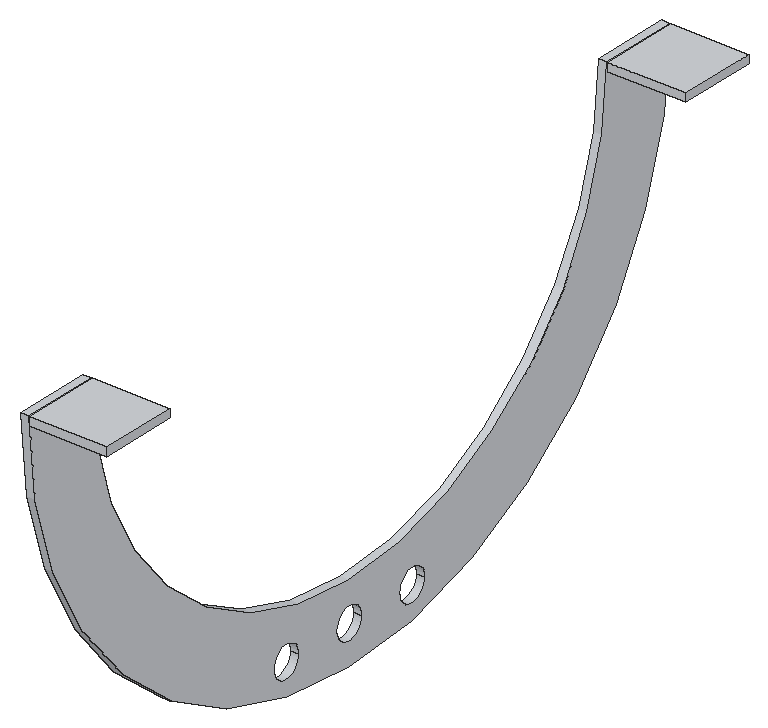
Revit family
Parameters (values of type "DWSUBR")
  Model = ""
  Manufacturer = "CaptiveAire"
  FLANGETHICK = -27/256"  # constant formula
  FLANGELENGTH = 1"  # constant formula
  Description = ""
  INSIDERAD [instance] = 4 25/256"
  OUTSIDERAD [instance] = INSIDERAD + 1"  # 5 25/256"
  BOLTRAD [instance] = INSIDERAD + 1/2"  # 4 153/256"
  Assembly Code = ""
  1" = 1"  # constant formula
Reference planes (in)
  plane 1 "Center (Front/Back)": y = 0.22474
  plane 2: z = 0
  plane 3 "Center (Left/Right)": x = -6.88877
  plane 4: z = -4.59766
  plane 5: y = -0.77526
  plane 6: y = 1.22474
Forms (in)
  Extrusion 1, solid
    sketch origin (-6.88877, 0, 0) x (0, 1, 0) y (0, 0, 1)
      loop
        line (-3.87291, 0) -> (-4.87291, 0)
        arc (-4.87291, 0) -> (0.22474, -5.09766) -> (5.3224, 0) r 5.09766
        line (5.3224, 0) -> (4.3224, 0)
        arc (4.3224, 0) -> (0.22474, -4.09766) -> (-3.87291, 0) r 4.09766
      loop
        circle (1.22474, -4.59766) r 0.205
      loop
        circle (0.22474, -4.59766) r 0.205
      loop
        circle (-0.77526, -4.59766) r 0.205
    from 0 to -0.10547 <- "FLANGETHICK"
  Extrusion 2, solid
    sketch origin (0, 0, 0) x (1, 0, 0) y (0, 1, 0)
      loop
        line (-6.87877, -3.87291) -> (-6.87877, -4.87291) -> (-5.88877, -4.87291) -> (-5.88877, -3.87291) -> (-6.87877, -3.87291)
    from 0 to -0.10547 <- "FLANGETHICK"
  Extrusion 3, solid
    sketch origin (0, 0, 0) x (1, 0, 0) y (0, 1, 0)
      loop
        line (-6.87877, 4.3224) -> (-5.88877, 4.3224) -> (-5.88877, 5.3224) -> (-6.87877, 5.3224) -> (-6.87877, 4.3224)
    from 0 to -0.10547 <- "FLANGETHICK"
Dimensions and locks (in)
  "FLANGELENGTH": Extrusion 1 to Extrusion 2 sketch curve
  "1"": plane 1 "Center (Front/Back)" to plane 5
  "1"": plane 6 to plane 1 "Center (Front/Back)"
  "BOLTRAD": level to plane 4
  Extrusion 1 to Extrusion 2 sketch curve = 0.01"
  "INSIDERAD": radius of Extrusion 1 sketch curve
  "OUTSIDERAD": radius of Extrusion 1 sketch curve
  aligned and locked: level to Extrusion 1 sketch curve  (x3)
  aligned and locked: Extrusion 1 sketch curve to level
  aligned and locked: Extrusion 1 to Extrusion 2 sketch curve
  aligned and locked: Extrusion 2 sketch curve to Extrusion 1
  aligned and locked: Extrusion 2 to Extrusion 3 sketch curve
  aligned and locked: Extrusion 3 sketch curve to Extrusion 1
  aligned and locked: Extrusion 1 to Extrusion 3 sketch curve
  aligned and locked: Extrusion 3 sketch curve to Extrusion 2
Automatic sketch dimensions
  Extrusion 1 sketch curve to Extrusion 1 sketch curve = 0"
  Extrusion 1 sketch curve to plane 4 = 0"  (x3)
  Extrusion 1 sketch curve to plane 5 = 0"
  Extrusion 1 sketch curve to plane 1 "Center (Front/Back)" = 0"  (x2)
  Extrusion 1 sketch curve to plane 6 = 0"
  radius of Extrusion 1 sketch curve = 0.205"  (x3)
